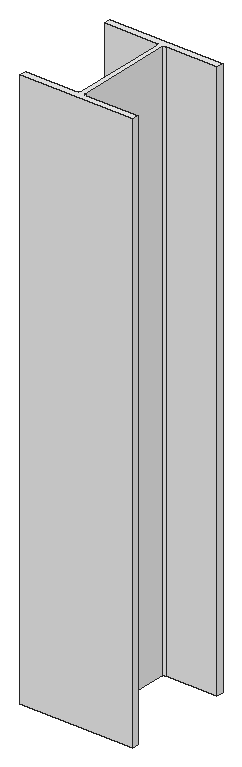
Revit family "M_WWF-Welded Wide Flange-Column", category 구조 기둥, Revit 2026
Family settings
  단면 모양 = 정의되지 않음
  모델 동작 재료 = 스틸
  항상 형상으로 내보내기 = 아니오
  평면의 보 전환 = 경계 상자에서
  로드될 때 보이드를 사용하여 절단 = 아니오
  기호 표현 = 프로젝트 설정에서
  공유 = 아니오
  평면도에서 미리 절단된 패밀리 표시 = 예
Parameters (values of type "WWF500x306")
  Structural Material [instance] = Metal - Steel - 345 MPa
  kr = k - (tw / 2)  # 10 mm
  Assembly Code = ""
  A = 0.039 m²
  W = 3
  bf = 500 mm
  d = 500 mm
  k = 20 mm
  tf = 30 mm
  tw = 20 mm
Reference planes
  plane 1: y = 0
  plane 2: z = 0
  plane 3: x = 0
  plane 4: x = -250
  plane 5: x = 250
  plane 6: y = 250
  plane 7: y = -250
  plane 8: x = -3.969
  plane 9: x = 3.969
Forms (mm)
  Extrusion 1, solid, material "Metal - Steel - 345 MPa" <- "Structural Material", detail levels medium
    sketch origin (0, 0, 0) x (1, 0, 0) y (0, 1, 0)
      loop
        line (-250, 250) -> (-250, 220) -> (-10, 220) -> (-10, -220) -> (-250, -220) -> (-250, -250) -> (250, -250) -> (250, -220) -> (10, -220) -> (10, 220) -> (250, 220) -> (250, 250) -> (-250, 250)
    from 0 to 2500
  Extrusion 2, solid, material "Metal - Steel - 345 MPa" <- "Structural Material", detail levels fine
    sketch origin (0, 0, 0) x (1, 0, 0) y (0, 1, 0)
      loop
        line (-250, 250) -> (-250, 220) -> (-20, 220)
        arc (-20, 220) -> (-12.929, 217.071) -> (-10, 210) r 10
        line (-10, 210) -> (-10, -210)
        arc (-10, -210) -> (-12.929, -217.071) -> (-20, -220) r 10
        line (-20, -220) -> (-250, -220) -> (-250, -250) -> (250, -250) -> (250, -220) -> (20, -220)
        arc (20, -220) -> (12.929, -217.071) -> (10, -210) r 10
        line (10, -210) -> (10, 210)
        arc (10, 210) -> (12.929, 217.071) -> (20, 220) r 10
        line (20, 220) -> (250, 220) -> (250, 250) -> (-250, 250)
    from 0 to 2500
Lines and regions (mm)
  symbolic lines, style "StructuralColumnStickSymbols", detail levels coarse
    curve 1: line (-250, 250, 0) -> (250, 250, 0)
    curve 2: line (-250, -250, 0) -> (250, -250, 0)
    curve 3: line (0, 250, 0) -> (0, -250, 0)
  symbolic lines, style "Hidden Faces", detail levels medium+fine
    curve 4: line (-3.969, 0, 0) -> (-3.969, 0, 2500)
    curve 5: line (3.969, 0, 2500) -> (3.969, 0, 0)
Dimensions and locks
  equal spacing: plane 4, plane 3, plane 5
  equal spacing: plane 7, plane 1, plane 6
  "d": plane 7 to plane 6
  "bf": plane 4 to plane 5
  "tf": plane 7 to Extrusion 1 sketch curve
  "tf": Extrusion 1 sketch curve to plane 6
  equal spacing: Extrusion 1 sketch curve, plane 3, Extrusion 1 sketch curve
  "tw": Extrusion 1 sketch curve to Extrusion 1 sketch curve
  "kr": radius of Extrusion 2 sketch curve  (x4)
  aligned and locked: Extrusion 1 sketch curve to plane 6
  aligned and locked: Extrusion 1 sketch curve to plane 7
  aligned and locked: Extrusion 1 sketch curve to plane 4  (x2)
  aligned and locked: plane 5 to Extrusion 1 sketch curve  (x2)
  aligned and locked: Extrusion 1 sketch curve to Extrusion 1 sketch curve  (x2)
  aligned and locked: level to Extrusion 1
  aligned and locked: level to plane 2
  aligned and locked: Extrusion 1 to plane 2
  aligned and locked: Extrusion 2 sketch curve to plane 6
  aligned and locked: plane 5 to Extrusion 2 sketch curve  (x2)
  aligned and locked: Extrusion 2 sketch curve to plane 4  (x2)
  aligned and locked: Extrusion 2 sketch curve to Extrusion 1  (x6)
  aligned and locked: Extrusion 2 sketch curve to plane 7
  aligned and locked: level to Extrusion 2
  aligned and locked: Extrusion 2 to level
Automatic sketch dimensions
  curve 2 to plane 4 = 0 mm
  curve 1 to plane 4 = 0 mm
  curve 3 to plane 3 = 0 mm
  curve 2 to plane 5 = 0 mm
  curve 1 to plane 5 = 0 mm
  curve 3 to plane 7 = 0 mm
  curve 3 to plane 6 = 0 mm
  curve 4 to level = 0 mm  (x2)
  curve 4 to plane 8 = 0 mm
  curve 5 to level = 0 mm  (x2)
  curve 5 to plane 9 = 0 mm
